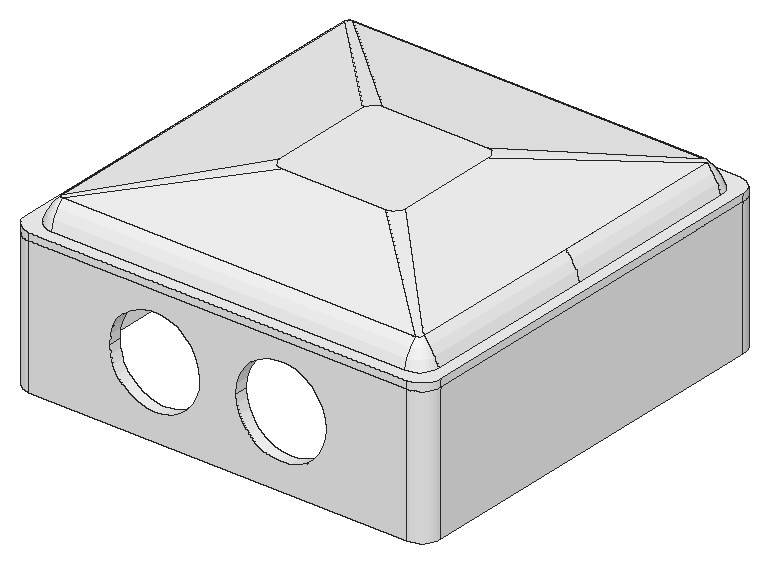
Revit family "4461_Addressable Multipurpose IO Unit", category Fire Alarm Devices, host Face, Revit 2020
Family settings
  Host = Face
  Maintain Annotation Orientation = No
  Round Connector Dimension = Use Diameter
  Part Type = Normal
  OmniClass Number = 23.85.30.21
  OmniClass Title = Environmental Detection/Registration
  Cut with Voids When Loaded = No
  Shared = No
  Room Calculation Point = No
Parameters (values of type "4461")
  Width (mm) = 110 mm  # constant formula
  Weight = "188g"  # constant formula
  Voltage Normal = "24 VDC"  # constant formula
  Voltage Allowed = "12 – 30 VDC"  # constant formula
  Version = "RVT20"  # constant formula
  Vds Approval = "G218074"  # constant formula
  Uniformat 2010 Description = "Detection and Alarm"  # constant formula
  Uniformat 2010  Code = "D7050"  # constant formula
  Uniclass 2015 Description = "Fire and smoke detector bases"  # constant formula
  Uniclass 2015 Code = "Pr_75_80_30_27 "  # constant formula
  URL = "https://www.panasonic-fire-security.com"
  Type Comments = "The 4461 is a multipurpose I/O for connection of various units and equipment to the loop. The unit has two programmable relay outputs, one monitored input, one isolated input and one general input. All inputs and outputs are programmed via EBLWin"  # constant formula
  Tested and Approved = "EN54-18, EN54-17"  # constant formula
  Technical Number [instance] = ""
  Short Circuit Isolator = "Yes (Built-in)"  # constant formula
  Relay Outputs = "2"  # constant formula
  Product Material = Polycarbonate_Panasonic_White
  Power Supply = "Via COM loop"  # constant formula
  Omniclass Description = "Smoke Detectors"  # constant formula
  Omniclass Code = "23.85.30.21.11.11.11"  # constant formula
  Monitored Inputs = "1"  # constant formula
  Model = "4461"  # constant formula
  Min_Wire Size = "Ø 0.6 mm (0.28 mm²)"  # constant formula
  Max_Wire Size = "Ø 1.2 mm (1.5 mm²)"  # constant formula
  Manufacturer = "Panasonic"  # constant formula
  Isolated Inputs (Optocoupler Inputs) = "1"  # constant formula
  Ingress Protection Rating = "IP65"  # constant formula
  Height (mm) = 110 mm  # constant formula
  General Inputs = "1"  # constant formula
  Enclosure = "Standard Fibox encapsulation. (JB 6 G)"  # constant formula
  Description = "Addressable multipurpose I/O unit with isolator 4461"  # constant formula
  Depth (mm) = 49 mm  # constant formula
  Default Elevation = 0 mm
  Current Quiescent = "≤ 4.3 mA"  # constant formula
  Current (Active) = "≤ 15 mA"  # constant formula
  Contact = ""
  CPR = "0786-CPR-21579"  # constant formula
  Ambient Temperature Storage = "-20 to +60 °C"  # constant formula
  Ambient Temperature Operating = "-10 to +50 °C"  # constant formula
  Ambient Humidity = "Maximum 95 % RH "  # constant formula
  Address Range = "1-253"  # constant formula
Reference planes
  plane 1 "Center (Front/Back)": y = 0
  plane 2: z = 0
  plane 3 "Center (Left/Right)": x = 0
  plane 4: z = 36
  plane 5: x = -55
  plane 6: x = 55
  plane 7: y = 55
  plane 8: y = -55
  plane 9: z = 49
  plane 10: x = -51.75
  plane 11: y = 51.75
  plane 12: y = -51.75
  plane 13: x = 51.75
  plane 14: x = -16.75
  plane 15: x = 16.75
  plane 16: y = 16.75
  plane 17: y = -16.75
  plane 18: z = 38
Forms (mm)
  Extrusion 1, solid, material "Polycarbonate_Panasonic_White" <- "Product Material"
    sketch origin (0, 0, 0) x (1, 0, 0) y (0, 1, 0)
      loop
        arc (-55, -50) -> (-53.536, -53.536) -> (-50, -55) r 5
        line (-50, -55) -> (50, -55)
        arc (50, -55) -> (53.536, -53.536) -> (55, -50) r 5
        line (55, -50) -> (55, 50)
        arc (55, 50) -> (53.536, 53.536) -> (50, 55) r 5
        line (50, 55) -> (-50, 55)
        arc (-50, 55) -> (-53.536, 53.536) -> (-55, 50) r 5
        line (-55, 50) -> (-55, -50)
      loop
        arc (-46.75, 51.75) -> (-50.286, 50.286) -> (-51.75, 46.75) r 5
        line (-51.75, 46.75) -> (-51.75, -46.75)
        arc (-51.75, -46.75) -> (-50.286, -50.286) -> (-46.75, -51.75) r 5
        line (-46.75, -51.75) -> (46.75, -51.75)
        arc (46.75, -51.75) -> (50.286, -50.286) -> (51.75, -46.75) r 5
        line (51.75, -46.75) -> (51.75, 46.75)
        arc (51.75, 46.75) -> (50.286, 50.286) -> (46.75, 51.75) r 5
        line (46.75, 51.75) -> (-46.75, 51.75)
    from 0 to 36
  Sweep 2, solid, material "Polycarbonate_Panasonic_White" <- "Product Material"
    path origin (0, 0, 0) x (1, 0, 0) y (0, -1, 0)
      loop
        line (51.75, 0) -> (51.75, 46.75)
        arc (51.75, 46.75) -> (50.286, 50.286) -> (46.75, 51.75) r 5
        line (46.75, 51.75) -> (-46.75, 51.75)
        arc (-46.75, 51.75) -> (-50.286, 50.286) -> (-51.75, 46.75) r 5
        line (-51.75, 46.75) -> (-51.75, 0)
    profile origin (51.75, -23.375, 0) x (1, 0, 0) y (0, 0, 1)
      loop
        arc (0, 38) -> (-1.496, 41.337) -> (-3.809, 44.169) r 13.916
        line (-3.809, 44.169) -> (-3.809, 38) -> (0, 38)
  Extrusion 3, solid, material "Polycarbonate_Panasonic_White" <- "Product Material"
    sketch origin (0, 0, 0) x (1, 0, 0) y (0, 1, 0)
      loop
        arc (-47.941, -46.75) -> (-47.592, -47.592) -> (-46.75, -47.941) r 1.191
        line (-46.75, -47.941) -> (46.75, -47.941)
        arc (46.75, -47.941) -> (47.592, -47.592) -> (47.941, -46.75) r 1.191
        line (47.941, -46.75) -> (47.941, 46.75)
        arc (47.941, 46.75) -> (47.592, 47.592) -> (46.75, 47.941) r 1.191
        line (46.75, 47.941) -> (-46.75, 47.941)
        arc (-46.75, 47.941) -> (-47.592, 47.592) -> (-47.941, 46.75) r 1.191
        line (-47.941, 46.75) -> (-47.941, -46.75)
    from 38 to 44.169
  Blend 4, solid, material "Polycarbonate_Panasonic_White" <- "Product Material"
    base sketch origin (0, 0, 0) x (1, 0, 0) y (0, 1, 0)
      loop
        line (-47.941, 46.75) -> (-47.941, -46.75)
        arc (-47.941, -46.75) -> (-47.592, -47.592) -> (-46.75, -47.941) r 1.191
        line (-46.75, -47.941) -> (46.75, -47.941)
        arc (46.75, -47.941) -> (47.592, -47.592) -> (47.941, -46.75) r 1.191
        line (47.941, -46.75) -> (47.941, 46.75)
        arc (47.941, 46.75) -> (47.592, 47.592) -> (46.75, 47.941) r 1.191
        line (46.75, 47.941) -> (-46.75, 47.941)
        arc (-46.75, 47.941) -> (-47.592, 47.592) -> (-47.941, 46.75) r 1.191
    top sketch origin (0, 0, 0) x (1, 0, 0) y (0, 1, 0)
      loop
        line (-13.75, -16.75) -> (13.75, -16.75)
        arc (13.75, -16.75) -> (15.871, -15.871) -> (16.75, -13.75) r 3
        line (16.75, -13.75) -> (16.75, 13.75)
        arc (16.75, 13.75) -> (15.871, 15.871) -> (13.75, 16.75) r 3
        line (13.75, 16.75) -> (-13.75, 16.75)
        arc (-13.75, 16.75) -> (-15.871, 15.871) -> (-16.75, 13.75) r 3
        line (-16.75, 13.75) -> (-16.75, -13.75)
        arc (-16.75, -13.75) -> (-15.871, -15.871) -> (-13.75, -16.75) r 3
    from 44.169 to 49
  Sweep 5, solid, material "Polycarbonate_Panasonic_White" <- "Product Material"
    path origin (0, 0, 0) x (1, 0, 0) y (0, 1, 0)
      loop
        line (51.75, 0) -> (51.75, 46.75)
        arc (51.75, 46.75) -> (50.286, 50.286) -> (46.75, 51.75) r 5
        line (46.75, 51.75) -> (-46.75, 51.75)
        arc (-46.75, 51.75) -> (-50.286, 50.286) -> (-51.75, 46.75) r 5
        line (-51.75, 46.75) -> (-51.75, 0)
    profile origin (51.75, 23.375, 0) x (-1, 0, 0) y (0, 0, 1)
      loop
        line (0, 38) -> (3.809, 38) -> (3.809, 44.169)
        arc (3.809, 44.169) -> (1.496, 41.337) -> (0, 38) r 13.916
  Extrusion 6, solid, material "Polycarbonate_Panasonic_White" <- "Product Material"
    sketch origin (0, 0, 0) x (1, 0, 0) y (0, 1, 0)
      loop
        line (-55, 50) -> (-55, -50)
        arc (-55, -50) -> (-53.536, -53.536) -> (-50, -55) r 5
        line (-50, -55) -> (50, -55)
        arc (50, -55) -> (53.536, -53.536) -> (55, -50) r 5
        line (55, -50) -> (55, 50)
        arc (55, 50) -> (53.536, 53.536) -> (50, 55) r 5
        line (50, 55) -> (-50, 55)
        arc (-50, 55) -> (-53.536, 53.536) -> (-55, 50) r 5
    from 36 to 38
  Extrusion 7, void
    sketch origin (0, 0, 0) x (1, 0, 0) y (0, 0, 1)
      loop
        circle (-16.75, 18.957) r 12
      loop
        circle (16.75, 18.957) r 12
    from 51.75 to 55
Cuts and joins
  Extrusion 7 cuts Extrusion 1
  joined: Sweep 2, Extrusion 3, Sweep 5
Dimensions and locks
  locked: plane 4 to host face at 36
  locked: plane 5 to plane 10 at 3.25
  locked: plane 13 to plane 6 at 3.25
  locked: plane 7 to plane 11 at 3.25
  locked: plane 8 to plane 12 at 3.25
  equal spacing: plane 14, plane 3 "Center (Left/Right)", plane 15
  equal spacing: plane 16, plane 1 "Center (Front/Back)", plane 17
  equal spacing: plane 7, plane 1 "Center (Front/Back)", plane 8
  "Width (mm)": plane 7 to plane 8
  equal spacing: plane 5, plane 3 "Center (Left/Right)", plane 6
  "Height (mm)": plane 5 to plane 6
  locked: plane 18 to plane 4 at 2
  "Depth (mm)": plane 9 to host face
  aligned and locked: plane 2 to host face
  aligned and locked: level to host face
  aligned and locked: Extrusion 1 sketch curve to plane 7
  aligned and locked: Extrusion 1 sketch curve to plane 6
  aligned and locked: Extrusion 1 sketch curve to plane 8
  aligned and locked: Extrusion 1 sketch curve to plane 5
  aligned and locked: Sweep 2 to Extrusion 3 sketch curve
  aligned and locked: Extrusion 3 sketch curve to Sweep 2
  aligned and locked: plane 17 to Blend 4 sketch curve
  aligned and locked: plane 14 to Blend 4 sketch curve
  aligned and locked: plane 16 to Blend 4 sketch curve
  aligned and locked: plane 15 to Blend 4 sketch curve
  aligned and locked: plane 9 to Blend 4
  aligned and locked: plane 18 to Sweep 5 sketch curve
  aligned and locked: Extrusion 3 to plane 18
  aligned and locked: Extrusion 6 sketch curve to Extrusion 1  (x2)
  aligned and locked: plane 7 to Extrusion 6 sketch curve
  aligned and locked: plane 5 to Extrusion 6 sketch curve
  aligned and locked: Extrusion 6 to Sweep 2
  aligned and locked: Extrusion 6 to plane 4
  aligned and locked: Extrusion 1 to Extrusion 7
  aligned and locked: Extrusion 7 to plane 12
  aligned and locked: Extrusion 1 sketch curve to plane 12
  aligned and locked: Extrusion 1 sketch curve to plane 10
  aligned and locked: Extrusion 1 sketch curve to plane 11
  aligned and locked: Extrusion 1 sketch curve to plane 13
Automatic sketch dimensions
  host sketch curve to host sketch curve = 2438.4 mm  (x2)
  Extrusion 1 sketch curve to plane 10 = 1.75 mm  (x2)
  Extrusion 1 sketch curve to Extrusion 1 sketch curve = 3.25 mm  (x2)
  Extrusion 1 sketch curve to plane 13 = 5 mm
  Extrusion 1 sketch curve to Extrusion 1 sketch curve = 5 mm
  Extrusion 1 sketch curve to plane 13 = 1.75 mm
  Extrusion 1 sketch curve to plane 12 = 1.75 mm
  plane 1 "Center (Front/Back)" to Sweep 2 sketch curve = 0 mm  (x2)
  Sweep 2 sketch curve to plane 10 = 0 mm
  plane 12 to Sweep 2 sketch curve = 0 mm
  Sweep 2 sketch curve to plane 13 = 0 mm
  plane 10 to Sweep 2 sketch curve = 5 mm
  plane 13 to Sweep 2 sketch curve = 5 mm
  profile plane to Sweep 2 sketch curve = 0 mm
  Sweep 2 sketch curve to Sweep 2 sketch curve = 3.809 mm
  Sweep 2 sketch curve to Sweep 2 sketch curve = 9.527 mm
  level to Sweep 2 sketch curve = 34.026 mm
  Sweep 2 sketch curve to Sweep 2 sketch curve = 3.974 mm
  Extrusion 3 sketch curve to Extrusion 3 sketch curve = 1.191 mm  (x3)
  Extrusion 3 sketch curve to plane 13 = 5 mm  (x2)
  Extrusion 3 sketch curve to plane 11 = 5 mm
  Blend 4 sketch curve to plane 10 = 3.809 mm
  Blend 4 sketch curve to Blend 4 sketch curve = 1.191 mm  (x3)
  Blend 4 sketch curve to plane 13 = 5 mm  (x2)
  Blend 4 sketch curve to plane 12 = 3.809 mm
  Blend 4 sketch curve to plane 11 = 5 mm
  Blend 4 sketch curve to plane 14 = 3 mm
  Blend 4 sketch curve to Blend 4 sketch curve = 3 mm  (x2)
  Blend 4 sketch curve to plane 15 = 3 mm
  plane 1 "Center (Front/Back)" to Sweep 5 sketch curve = 0 mm  (x2)
  Sweep 5 sketch curve to plane 10 = 0 mm
  Sweep 5 sketch curve to plane 11 = 0 mm
  Sweep 5 sketch curve to plane 13 = 0 mm
  Sweep 5 sketch curve to plane 10 = 5 mm
  Sweep 5 sketch curve to plane 13 = 5 mm
  Sweep 5 sketch curve to profile plane = 0 mm
  Sweep 5 sketch curve to Sweep 5 sketch curve = 3.809 mm
  Sweep 5 sketch curve to Sweep 5 sketch curve = 9.527 mm
  Sweep 5 sketch curve to Sweep 5 sketch curve = 3.974 mm
  Extrusion 6 sketch curve to plane 10 = 1.75 mm  (x2)
  Extrusion 6 sketch curve to plane 11 = 1.75 mm
  Extrusion 6 sketch curve to plane 13 = 1.75 mm
  plane 14 to Extrusion 7 sketch curve = 0 mm
  Extrusion 7 sketch curve to plane 15 = 0 mm
  Extrusion 7 sketch curve to plane 4 = 17.043 mm  (x2)
  radius of Extrusion 7 sketch curve = 12 mm  (x2)
Connectors
  electrical at (0, 0, 0)
    settings: index 1, voltage 0 V, apparent load 0 VA, apparent load phase1 0 VA, apparent load phase2 0 VA, apparent load phase3 0 VA, power factor 1, load classification "Other", number of poles 1, system type 11, power factor state 1, is connector primary yes, connector utility no, sub classification motor no, connector description ""
